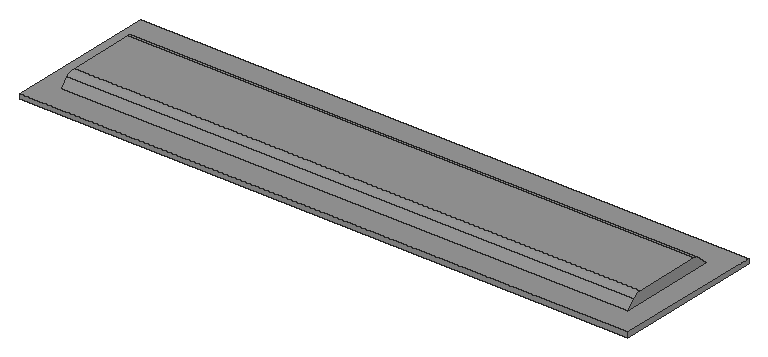
Revit family "IVLB_PML_LF_Flexcore 1200x300_Plastic", category Lighting Fixtures, Revit 2019
Family settings
  Round Connector Dimension = Use Diameter
  Part Type = Normal
  OmniClass Number = 23.80.70.11.11
  OmniClass Title = General Luminaries, Non Directional
  Work Plane-Based = No
  Always vertical = Yes
  Cut with Voids When Loaded = No
  Light Source = Yes
  Shared = No
  Room Calculation Point = Yes
Parameters (values of type "30x120cm-26-39w-3600-5500lm-3000k-4000k-3cct-cri90-ugr19-zw-philips-driver_6257515689258")
  Wattage Comments = "39W"
  Wattage = 37.0266 W
  built-in parameter 1150110 = 1 (stored number, unit not read)
  Voltage = 230 V
  URL = "https://www.pragmalux.com/"
  Type Comments = ""
  built-in parameter 1114217 = 1 (stored number, unit not read)
  Tilt Angle = 90.00°
  built-in parameter 1150109 = 1 (stored number, unit not read)
  built-in parameter 1150134 = 12
  SymboToScale_Waterproof [instance] = no
  Symbol_ToScale = yes
  Symbol_RealSize = not(Symbol_ToScale)  # no
  SymboToScale_Emergency Lighting [instance] = no
  Switch Code [instance] = ""
  built-in parameter 1150113 = 1 (stored number, unit not read)
  Photometric Web File = "30x120cm-26-39w-3600-5500lm-3000k-4000k-3cct-cri90-ugr19-zw-philips-driver_6257515689258.ies"
  Model = "Flexcore"
  Manufacturer = "Pragmalux - Distrilight"
  built-in parameter 1150105 = 437.68 (stored number, unit not read)
  Lumens = 5500 lm
  Luminaire_Body_Material = Select RGB value
  built-in parameter 1150115 = 1 (stored number, unit not read)
  Luminaire Code [instance] = ""
  Load Classification = Lighting
  built-in parameter 1150137 = (empty or 0)
  built-in parameter 1150139 = (empty or 0)
  built-in parameter 1150112 = 1 (stored number, unit not read)
  built-in parameter 1150114 = 1 (stored number, unit not read)
  Lamp = "LED"
  built-in parameter 1150132 = 2
  built-in parameter 1150102 = (empty or 0)
  built-in parameter 1150107 = 4000 (stored number, unit not read)
  built-in parameter 1150138 = (empty or 0)
  built-in parameter 1150106 = 4.3768 (stored number, unit not read)
  IfcExportType = "USERDEFINED"
  IfcExportAs = "IfcLightFixtureType"
  IP Value = "IP44"
  IK Value = "IK02"
  Emit from Rectangle Width = 295 mm
  Emit from Rectangle Length = 1195 mm
  Emit Shape Visible in Rendering = no
  built-in parameter 1150104 = 13.8 (stored number, unit not read)
  Dimming Lamp Color Temperature Shift = <None>
  Description = "Recessed"
  Content Creator = "www.ivlibrary.com"
  Color Filter = 16777215
  built-in parameter 1114218 = 1 (stored number, unit not read)
  built-in parameter 1150133 = 10 (stored number, unit not read)
  Assembly Code = "63.0"
  Apparent Load = 39 VA
Types (4, lengths in mm): name | Photometric Web File
  30x120cm-26-39w-3600-5500lm-3000k-3500k-4000k-3cct-cri90-ugr19-driver_6257515689256 | "30x120cm-26-39w-3600-5500lm-3000k-3500k-4000k-3cct-cri90-ugr19-driver_6257515689256.ies"
  30x120cm-26-39w-3600-5500lm-3000k-3500k-4000k-3cct-cri90-ugr19-philips-driver_6257515689256 | "30x120cm-26-39w-3600-5500lm-3000k-3500k-4000k-3cct-cri90-ugr19-philips-driver_6257515689256.ies"
  30x120cm-26-39w-3600-5500lm-3000k-4000k-3cct-cri90-ugr19-universele-driver_6257515689257 | "30x120cm-26-39w-3600-5500lm-3000k-4000k-3cct-cri90-ugr19-universele-driver_6257515689257.ies"
  30x120cm-26-39w-3600-5500lm-3000k-4000k-3cct-cri90-ugr19-zw-philips-driver_6257515689258 | "30x120cm-26-39w-3600-5500lm-3000k-4000k-3cct-cri90-ugr19-zw-philips-driver_6257515689258.ies"
Reference planes
  plane 1 "Center (Front/Back)": y = 0
  plane 2: z = 0
  plane 3 "Center (Left/Right)": x = 0
Lines and regions (mm)
  symbolic lines, visible <- "Symbol_RealSize"
    curve 1: line (-597.5, 147.5, 0) -> (597.5, 147.5, 0)
    curve 2: line (-597.5, -147.5, 0) -> (-597.5, 147.5, 0)
    curve 3: line (597.5, -147.5, 0) -> (-597.5, -147.5, 0)
    curve 4: line (597.5, 147.5, 0) -> (597.5, -147.5, 0)
Dimensions and locks
  aligned and locked: level to plane 2
Nested families
  nested 1: "Symbol_ToScale" at (0, 0, 0), Emergency Lighting <- "SymboToScale_Emergency Lighting", Waterproof <- "SymboToScale_Waterproof", visible <- "Symbol_ToScale", type "Symbol 350mm"
    with Waterproof no, Wall mounted no, Lighting Fixture yes, Emergency Lighting no
  nested 2: "Flexcore" at (0, 0, 8.75) x (0, -1, 0) z (0, 0, 1), Housing_Material <- "Luminaire_Body_Material", type "Flexcore"
    with Housing_Material Select RGB value
Connectors
  electrical at (0, 0, 0), driven by "Apparent Load", driven by "Load Classification", driven by "Voltage"
    settings: index 1, voltage 230 V, apparent load 0 VA, apparent load phase1 39 VA, apparent load phase2 0 VA, apparent load phase3 0 VA, power factor 1, load classification "Lighting", number of poles 1, system type 31, power factor state 1, is connector primary yes, connector utility no, sub classification motor no, connector description ""
Definition of nested family "Flexcore"
  Parameters (values of type "Flexcore")
    URL = ""
    Type Comments = ""
    Model = "VenusG2"
    Manufacturer = "Pragmalux"
    Housing_Material [instance] = none
    Description = "Surface Mounted"
    Default Elevation = 1219.2 mm
    Copyright © IVLighting = "www.ivlibrary.com"
    Assembly Code = "63.0"
  Reference planes
    plane 1 "Center (Front/Back)": y = 0
    plane 2: z = 0
    plane 3 "Center (Left/Right)": x = 0
  Forms (mm)
    Extrusion 1, solid, material <- "Housing_Material"
      sketch origin (0, 0, 0) x (1, 0, 0) y (0, 1, 0)
        loop
          line (147.5, 597.5) -> (-147.5, 597.5) -> (-147.5, -597.5) -> (147.5, -597.5) -> (147.5, 597.5)
      from -10 to 0
    Extrusion 2, void
      sketch origin (0, 0, 0) x (1, 0, 0) y (0, 1, 0)
        loop
          line (-44.811, 547.5) -> (-44.811, -547.5) -> (45.189, -547.5) -> (45.189, 547.5) -> (-44.811, 547.5)
      from -10 to 0
    Extrusion 3, solid
      sketch origin (0, 0, 0) x (1, 0, 0) y (0, 1, 0)
        loop
          line (-44.811, 547.5) -> (-44.811, -547.5) -> (45.189, -547.5) -> (45.189, 547.5) -> (-44.811, 547.5)
      from -10 to 0
    Extrusion 4, solid, material <- "Housing_Material"
      sketch origin (0, 0, 0) x (1, 0, 0) y (0, 0, 1)
        loop
          line (-94.811, 0) -> (95.189, 0) -> (81.298, 13.891)
          arc (81.298, 13.891) -> (73.187, 19.31) -> (63.62, 21.213) r 25
          line (63.62, 21.213) -> (-66.647, 21.213)
          arc (-66.647, 21.213) -> (-73.069, 19.936) -> (-78.513, 16.298) r 16.781
          line (-78.513, 16.298) -> (-94.811, 0)
      from -555.744 to 558.361
  Cuts and joins
    Extrusion 2 cuts Extrusion 1
    joined: Extrusion 1, Extrusion 4
  Dimensions and locks
    aligned and locked: level to plane 2
Definition of nested family "Symbol_ToScale"
  Parameters (values of type "Symbol 350mm")
    Waterproof [instance] = no
    Wall mounted [instance] = no
    Lighting Fixture [instance] = yes
    Emergency Lighting [instance] = no
  Reference planes
    plane 1: y = 0
    plane 2: x = 0
  Lines and regions (mm)
    Filled region 1, type "Filled region 1", visible <- "Emergency Lighting"
      outline origin (0, 0, 0) x (1, 0, 0) y (0, 1, 0)
        loop
          line (-5.975, -1.475) -> (0, 0) -> (-5.975, 1.475) -> (-5.975, -1.475)
    Filled region 2, type "Filled region 1", visible <- "Emergency Lighting"
      outline origin (0, 0, 0) x (0, 1, 0) y (-1, 0, 0)
        loop
          line (-1.475, -5.975) -> (1.475, -5.975) -> (0, 0) -> (-1.475, -5.975)
    Filled region 3, type "Filled region 1", visible <- "Waterproof"
      outline origin (0, 0, 0) x (1, 0, 0) y (0, 1, 0)
        loop
          line (-5.975, 0) -> (-5.975, -1.475) -> (5.975, -1.475) -> (5.975, 0) -> (-5.975, 0)
    detail lines
      curve 1: line (-5.975, 1.475, 0) -> (5.975, 1.475, 0)
      curve 2: line (5.975, 1.475, 0) -> (5.975, -1.475, 0)
      curve 3: line (5.975, -1.475, 0) -> (-5.975, -1.475, 0)
      curve 4: line (-5.975, -1.475, 0) -> (-5.975, 1.475, 0)
